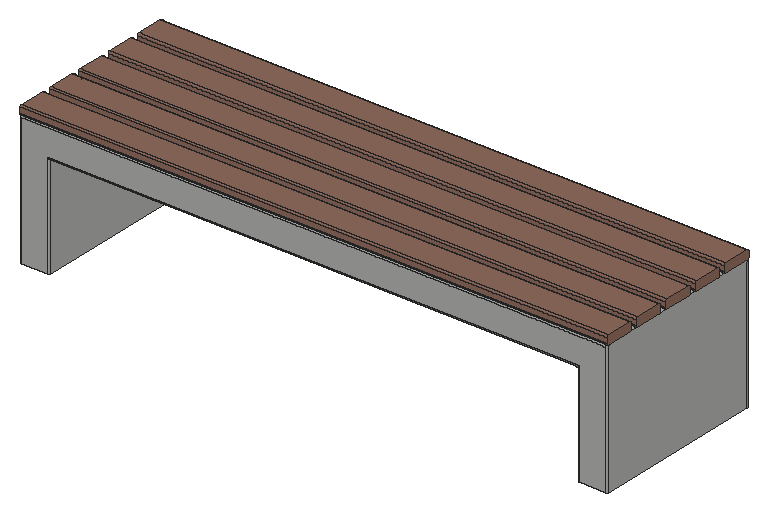
Revit family "Banco Volga", category Furniture, Revit 2020
Family settings
  OmniClass Number = 23.40.20.00
  OmniClass Title = General Furniture and Specialties
  Work Plane-Based = No
  Always vertical = Yes
  Cut with Voids When Loaded = No
  Shared = No
  Room Calculation Point = No
Parameters (values of type "Banco Volga-UM369LM-2000mm")
  URL_Producto = ""
  UM369LM-2000 = yes
  UM369GLM-2000 = no
  UM369G-2000mm = no
  UM369-2000mm = no
  Referencia = ""
  Material listones = none
  Material banco = Air Openings
  H = 0.480 m
  Ficha_Tecnica = ""
  Fabricante = ""
  Default Elevation = 0.000 m
  B = 0.600 m
  A = 2.000 m
Types (4, lengths in m): name | UM369LM-2000 | UM369GLM-2000 | UM369G-2000mm | UM369-2000mm | Material banco | H
  Banco Volga-UM369G-2000mm | no | no | yes | no | none | 0.450
  Banco Volga-UM369GLM-2000mm | no | yes | no | no | none | 0.480
  Banco Volga-UM369-2000mm | no | no | no | yes | none | 0.450
  Banco Volga-UM369LM-2000mm | yes | no | no | no | Air Openings | 0.480
Reference planes (m)
  plane 1 "Center (Front/Back)": y = 0
  plane 2: z = 0
  plane 3 "Center (Left/Right)": x = 0
Dimensions and locks (m)
  aligned and locked: level to plane 2
Nested families (m)
  nested 1: "UM369" at (0, 0, 0), visible <- "UM369-2000mm", type "UM369"
  nested 2: "UM369G" at (0, 0, 0), visible <- "UM369G-2000mm", type "UM369G"
  nested 3: "UM369GLM" at (0, 0, 0), visible <- "UM369GLM-2000", type "UM369GLM"
  nested 4: "UM369LM" at (0, 0, 0), visible <- "UM369LM-2000", type "UM369LM"
Definition of nested family "UM369"
  Parameters (values of type "UM369")
    URL Producto = ""
    Referencia = ""
    H = 0.450008 m
    Ficha Tecnica = ""
    Fabricante = ""
    Default Elevation = 0.000 m
    B = 0.600 m
    A = 2.000 m
  Reference planes (m)
    plane 1 "Center (Front/Back)": y = 0
    plane 2: z = 0
    plane 3 "Center (Left/Right)": x = 0
    plane 4: z = 0.450008
    plane 5: x = -1
    plane 6: x = 1
  Forms (m)
    Sweep 1, solid
      path origin (0, 0, 0) x (1, 0, 0) y (0, 0, 1)
        loop
          line (-1, 0) -> (-1, 0.45) -> (1, 0.45) -> (1, 0)
      profile origin (-1, 0, 0.225) x (-1, 0, 0) y (0, -1, 0)
        loop
          arc (-0.005, -0.3) -> (-0.001464, -0.298536) -> (0, -0.295) r 0.005
          line (0, -0.295) -> (0, 0.295)
          arc (0, 0.295) -> (-0.001464, 0.298536) -> (-0.005, 0.3) r 0.005
          line (-0.005, 0.3) -> (-0.095, 0.3)
          arc (-0.095, 0.3) -> (-0.098536, 0.298536) -> (-0.1, 0.295) r 0.005
          line (-0.1, 0.295) -> (-0.1, -0.295)
          arc (-0.1, -0.295) -> (-0.098536, -0.298536) -> (-0.095, -0.3) r 0.005
          line (-0.095, -0.3) -> (-0.005, -0.3)
  Dimensions and locks (m)
    "H": plane 4 to plane 2
    "A": Sweep 1 to Sweep 1
    "B": Sweep 1 to Sweep 1
    aligned and locked: level to plane 2
  Automatic sketch dimensions
    Sweep 1 sketch curve to plane 5 = 0.000 m
    Sweep 1 sketch curve to plane 6 = 0.000 m
    Sweep 1 sketch curve to level = 0.000 m  (x2)
    Sweep 1 sketch curve to plane 4 = 0.000008 m
    Sweep 1 sketch curve to profile plane = 0.000 m
    profile plane to Sweep 1 sketch curve = 0.005 m
    Sweep 1 sketch curve to Sweep 1 sketch curve = 0.005 m  (x2)
    Sweep 1 sketch curve to Sweep 1 sketch curve = 0.090 m  (x2)
    Sweep 1 sketch curve to plane 1 "Center (Front/Back)" = 0.300 m
    plane 1 "Center (Front/Back)" to Sweep 1 sketch curve = 0.295 m
Definition of nested family "UM369G"
  Parameters (values of type "UM369G")
    URL Producto = ""
    Referencia = ""
    H = 0.450008 m
    Ficha Tecnica = ""
    Fabricante = ""
    Default Elevation = 0.000 m
    B = 0.600 m
    A = 2.000 m
  Reference planes (m)
    plane 1 "Center (Front/Back)": y = 0
    plane 2: z = 0
    plane 3 "Center (Left/Right)": x = 0
    plane 4: x = -1
    plane 5: x = 1
    plane 6: z = 0.450008
    plane 7: y = 0.3
    plane 8: y = -0.3
  Forms (m)
    Sweep 1, solid
      path origin (0, 0, 0) x (1, 0, 0) y (0, 0, 1)
        loop
          line (-1, 0) -> (-1, 0.45) -> (1, 0.45) -> (1, 0)
      profile origin (-1, 0, 0.225) x (-1, 0, 0) y (0, -1, 0)
        loop
          arc (-0.005, -0.3) -> (-0.001464, -0.298536) -> (0, -0.295) r 0.005
          line (0, -0.295) -> (0, 0.295)
          arc (0, 0.295) -> (-0.001464, 0.298536) -> (-0.005, 0.3) r 0.005
          line (-0.005, 0.3) -> (-0.095, 0.3)
          arc (-0.095, 0.3) -> (-0.098536, 0.298536) -> (-0.1, 0.295) r 0.005
          line (-0.1, 0.295) -> (-0.1, -0.295)
          arc (-0.1, -0.295) -> (-0.098536, -0.298536) -> (-0.095, -0.3) r 0.005
          line (-0.095, -0.3) -> (-0.005, -0.3)
  Dimensions and locks (m)
    "A": Sweep 1 to Sweep 1
    "B": Sweep 1 to Sweep 1
    "H": plane 6 to Sweep 1
    "B": plane 7 to plane 8
    aligned and locked: level to plane 2
  Automatic sketch dimensions
    Sweep 1 sketch curve to plane 4 = 0.000 m
    Sweep 1 sketch curve to plane 5 = 0.000 m
    Sweep 1 sketch curve to level = 0.000 m  (x2)
    Sweep 1 sketch curve to profile plane = 0.000 m
    profile plane to Sweep 1 sketch curve = 0.005 m
    Sweep 1 sketch curve to Sweep 1 sketch curve = 0.005 m  (x2)
    Sweep 1 sketch curve to Sweep 1 sketch curve = 0.090 m  (x2)
    Sweep 1 sketch curve to plane 1 "Center (Front/Back)" = 0.300 m
    plane 1 "Center (Front/Back)" to Sweep 1 sketch curve = 0.295 m
    level to Sweep 1 sketch curve = 0.450 m
Definition of nested family "UM369GLM"
  Parameters (values of type "UM369GLM")
    URL Producto = ""
    Referencia = ""
    H = 0.480 m
    Ficha Tecnica = ""
    Fabricante = ""
    Default Elevation = 0.000 m
    B = 0.600 m
    A = 2.000 m
  Reference planes (m)
    plane 1 "Center (Front/Back)": y = 0
    plane 2: z = 0
    plane 3 "Center (Left/Right)": x = 0
    plane 4: z = 0.450008
    plane 5: x = -1
    plane 6: x = 1
    plane 7: z = 0.48
  Forms (m)
    Sweep 1, solid
      path origin (0, 0, 0) x (1, 0, 0) y (0, 0, 1)
        loop
          line (-1, 0) -> (-1, 0.48) -> (1, 0.48) -> (1, 0)
      profile origin (-1, 0, 0.24) x (-1, 0, 0) y (0, -1, 0)
        loop
          arc (-0.005, -0.3) -> (-0.001464, -0.298536) -> (0, -0.295) r 0.005
          line (0, -0.295) -> (0, 0.295)
          arc (0, 0.295) -> (-0.001464, 0.298536) -> (-0.005, 0.3) r 0.005
          line (-0.005, 0.3) -> (-0.095, 0.3)
          arc (-0.095, 0.3) -> (-0.098536, 0.298536) -> (-0.1, 0.295) r 0.005
          line (-0.1, 0.295) -> (-0.1, -0.295)
          arc (-0.1, -0.295) -> (-0.098536, -0.298536) -> (-0.095, -0.3) r 0.005
          line (-0.095, -0.3) -> (-0.005, -0.3)
  Dimensions and locks (m)
    "H": Sweep 1 to plane 2
    "A": Sweep 1 to Sweep 1
    "B": Sweep 1 to Sweep 1
    aligned and locked: level to plane 2
  Automatic sketch dimensions
    Sweep 1 sketch curve to plane 5 = 0.000 m
    Sweep 1 sketch curve to plane 6 = 0.000 m
    Sweep 1 sketch curve to level = 0.000 m  (x2)
    plane 4 to Sweep 1 sketch curve = 0.029992 m
    Sweep 1 sketch curve to profile plane = 0.000 m
    profile plane to Sweep 1 sketch curve = 0.005 m
    Sweep 1 sketch curve to Sweep 1 sketch curve = 0.005 m  (x2)
    Sweep 1 sketch curve to Sweep 1 sketch curve = 0.090 m  (x2)
    Sweep 1 sketch curve to plane 1 "Center (Front/Back)" = 0.300 m
    plane 1 "Center (Front/Back)" to Sweep 1 sketch curve = 0.295 m
Definition of nested family "UM369LM"
  Parameters (values of type "UM369LM")
    URL Producto = ""
    Referencia = ""
    H = 0.480 m
    Ficha Tecnica = ""
    Fabricante = ""
    Default Elevation = 0.000 m
    B = 0.600 m
    A = 2.000 m
  Reference planes (m)
    plane 1 "Center (Front/Back)": y = 0
    plane 2: z = 0
    plane 3 "Center (Left/Right)": x = 0
    plane 4: x = -1
    plane 5: x = 1
    plane 6: y = -0.299905
    plane 7: y = 0.300095
    plane 8: z = 0.48
  Forms (m)
    Sweep 1, solid
      path origin (0, 0, 0) x (1, 0, 0) y (0, 0, 1)
        loop
          line (-1, 0) -> (-1, 0.45) -> (1, 0.45) -> (1, 0)
      profile origin (-1, 0, 0.225) x (-1, 0, 0) y (0, -1, 0)
        loop
          arc (-0.005, -0.3) -> (-0.001464, -0.298536) -> (0, -0.295) r 0.005
          line (0, -0.295) -> (0, 0.295)
          arc (0, 0.295) -> (-0.001464, 0.298536) -> (-0.005, 0.3) r 0.005
          line (-0.005, 0.3) -> (-0.095, 0.3)
          arc (-0.095, 0.3) -> (-0.098536, 0.298536) -> (-0.1, 0.295) r 0.005
          line (-0.1, 0.295) -> (-0.1, -0.295)
          arc (-0.1, -0.295) -> (-0.098536, -0.298536) -> (-0.095, -0.3) r 0.005
          line (-0.095, -0.3) -> (-0.005, -0.3)
    Extrusion 2, solid
      sketch origin (0, 0, 0) x (0, 1, 0) y (0, 0, 1)
        loop
          line (-0.204905, 0.480008) -> (-0.294905, 0.480008)
          arc (-0.294905, 0.480008) -> (-0.29844, 0.478544) -> (-0.299905, 0.475008) r 0.005
          line (-0.299905, 0.475008) -> (-0.299905, 0.455)
          arc (-0.299905, 0.455) -> (-0.29844, 0.451464) -> (-0.294905, 0.45) r 0.005
          line (-0.294905, 0.45) -> (-0.204905, 0.45)
          arc (-0.204905, 0.45) -> (-0.201369, 0.451464) -> (-0.199905, 0.455) r 0.005
          line (-0.199905, 0.455) -> (-0.199905, 0.475008)
          arc (-0.199905, 0.475008) -> (-0.201369, 0.478544) -> (-0.204905, 0.480008) r 0.005
        loop
          line (-0.079952, 0.480008) -> (-0.169952, 0.480008)
          arc (-0.169952, 0.480008) -> (-0.173488, 0.478544) -> (-0.174952, 0.475008) r 0.005
          line (-0.174952, 0.475008) -> (-0.174952, 0.455)
          arc (-0.174952, 0.455) -> (-0.173488, 0.451464) -> (-0.169952, 0.45) r 0.005
          line (-0.169952, 0.45) -> (-0.079952, 0.45)
          arc (-0.079952, 0.45) -> (-0.076417, 0.451464) -> (-0.074952, 0.455) r 0.005
          line (-0.074952, 0.455) -> (-0.074952, 0.475008)
          arc (-0.074952, 0.475008) -> (-0.076417, 0.478544) -> (-0.079952, 0.480008) r 0.005
        loop
          line (0.045, 0.480008) -> (-0.045, 0.480008)
          arc (-0.045, 0.480008) -> (-0.048536, 0.478544) -> (-0.05, 0.475008) r 0.005
          line (-0.05, 0.475008) -> (-0.05, 0.455)
          arc (-0.05, 0.455) -> (-0.048536, 0.451464) -> (-0.045, 0.45) r 0.005
          line (-0.045, 0.45) -> (0.045, 0.45)
          arc (0.045, 0.45) -> (0.048536, 0.451464) -> (0.05, 0.455) r 0.005
          line (0.05, 0.455) -> (0.05, 0.475008)
          arc (0.05, 0.475008) -> (0.048536, 0.478544) -> (0.045, 0.480008) r 0.005
        loop
          line (0.169952, 0.480008) -> (0.079952, 0.480008)
          arc (0.079952, 0.480008) -> (0.076417, 0.478544) -> (0.074952, 0.475008) r 0.005
          line (0.074952, 0.475008) -> (0.074952, 0.455)
          arc (0.074952, 0.455) -> (0.076417, 0.451464) -> (0.079952, 0.45) r 0.005
          line (0.079952, 0.45) -> (0.169952, 0.45)
          arc (0.169952, 0.45) -> (0.173488, 0.451464) -> (0.174952, 0.455) r 0.005
          line (0.174952, 0.455) -> (0.174952, 0.475008)
          arc (0.174952, 0.475008) -> (0.173488, 0.478544) -> (0.169952, 0.480008) r 0.005
        loop
          line (0.294905, 0.480008) -> (0.204905, 0.480008)
          arc (0.204905, 0.480008) -> (0.201369, 0.478544) -> (0.199905, 0.475008) r 0.005
          line (0.199905, 0.475008) -> (0.199905, 0.455)
          arc (0.199905, 0.455) -> (0.201369, 0.451464) -> (0.204905, 0.45) r 0.005
          line (0.204905, 0.45) -> (0.294905, 0.45)
          arc (0.294905, 0.45) -> (0.29844, 0.451464) -> (0.299905, 0.455) r 0.005
          line (0.299905, 0.455) -> (0.299905, 0.475008)
          arc (0.299905, 0.475008) -> (0.29844, 0.478544) -> (0.294905, 0.480008) r 0.005
      from -1 to 1
  Dimensions and locks (m)
    "A": Sweep 1 to Sweep 1
    "B": Sweep 1 to Sweep 1
    "B": plane 7 to plane 6
    "H": plane 8 to plane 2
    aligned and locked: level to plane 2
  Automatic sketch dimensions
    Sweep 1 sketch curve to plane 4 = 0.000 m
    Sweep 1 sketch curve to plane 5 = 0.000 m
    Sweep 1 sketch curve to level = 0.000 m  (x2)
    Sweep 1 sketch curve to profile plane = 0.000 m
    profile plane to Sweep 1 sketch curve = 0.005 m
    Sweep 1 sketch curve to Sweep 1 sketch curve = 0.005 m  (x2)
    Sweep 1 sketch curve to Sweep 1 sketch curve = 0.090 m  (x2)
    Sweep 1 sketch curve to plane 1 "Center (Front/Back)" = 0.300 m
    plane 1 "Center (Front/Back)" to Sweep 1 sketch curve = 0.295 m
    Extrusion 2 sketch curve to Extrusion 2 sketch curve = 0.005 m  (x20)
    Extrusion 2 sketch curve to Extrusion 2 sketch curve = 0.024952 m  (x4)
    Extrusion 2 sketch curve to Extrusion 2 sketch curve = 0.000 m  (x4)
    Extrusion 2 sketch curve to plane 1 "Center (Front/Back)" = 0.045 m
    plane 1 "Center (Front/Back)" to Extrusion 2 sketch curve = 0.045 m
    Extrusion 2 sketch curve to Extrusion 2 sketch curve = 0.090 m  (x4)
    level to Sweep 1 sketch curve = 0.450 m
    level to Extrusion 2 sketch curve = 0.450 m
    Extrusion 2 sketch curve to Extrusion 2 sketch curve = 0.020008 m  (x5)
